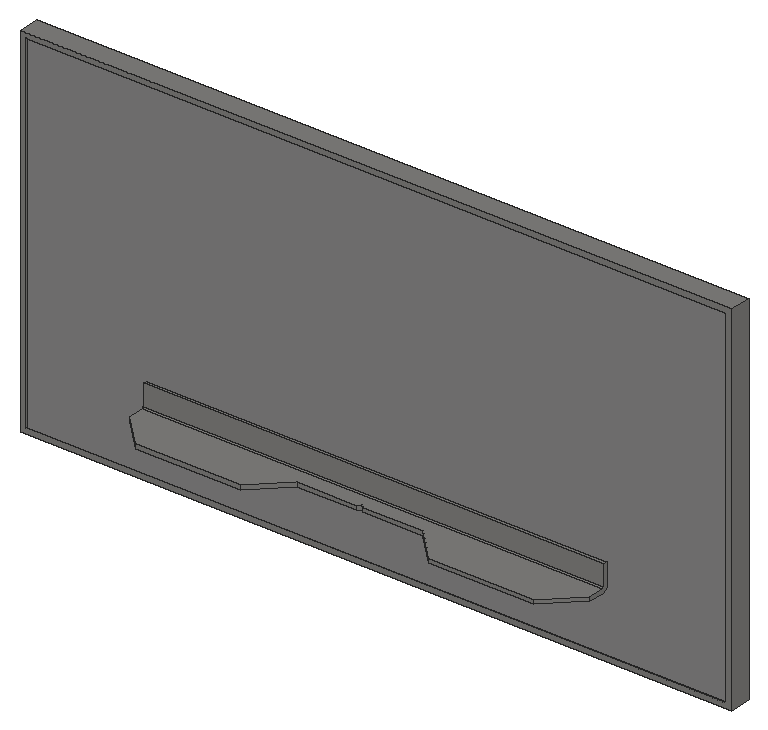
Revit family "Casual_Space_Division-Teknion-HNBCDF_Navigate_Desk_Edge_Screen_Fabric-R2016", category Furniture, Revit 2016
Family settings
  OmniClass Number = 23.40.20.00
  OmniClass Title = General Furniture and Specialties
  Work Plane-Based = Yes
  Always vertical = Yes
  Cut with Voids When Loaded = No
  Shared = Yes
  Room Calculation Point = No
Parameters (values of type "13" Height")
  Width [instance] = 46.000"
  Warranty = "http://www.teknion.com/ca/papers/legal-canada"
  Unit Weight URL = "http://www.teknion.com/ca/tools/assets#&asset=bee6a381-b954-425e-8283-5a2de3a804f2,f828d448-4b62-4231-9e5f-9a8991c0ed77"
  URL = "www.teknion.com"
  To render please download texture images found here [instance] = "https://assets.teknion.com/web/5e81352c1dfdb467/revit-material-swatches/"
  Sustainability Data = "https://www.teknion.com/ca/tools/assets#&topic=216f99a5-57a0-44fc-b10a-9dee9b29ae4c&asset=444deb64-fe58-4b68-981e-f75e97781df7,b4ff2d81-9f2e-437d-9659-7cffb09c31cf"
  Series = "Height-Adjustable Bench"  # constant formula
  Screen Finish [instance] = Fabric - Teknion - Heather Tech - R246 - Crag Tech
  Product Page URL = "https://www.teknion.com/products/product-details?productLineId=8551336e-8e7a-673b-a6c8-ff00004460c4"
  Product Line = "Height-Adjustable Bench"  # constant formula
  Product Documentation Link = "https://www.teknion.com/pricing/hab/pdfs/HNBCDF_ppg.pdf"
  Part Number = "HNBCDF"  # constant formula
  Model = "HNBCDF13___"
  Manufacturer Phone = "416-661-3370"  # constant formula
  Manufacturer Fax = "416.661.4586"  # constant formula
  Manufacturer Contact Information = "http://www.teknion.com/ca/contactus"
  Manufacturer Address = "1150 Flint Road, Toronto, ON. M3J 2J5. Canada"  # constant formula
  Manufacturer = "Teknion"  # constant formula
  How To Use Teknion Materials User Guide [instance] = "https://assets.teknion.com/m/205dd0a49fa58060/original/How-to-add-a-Material-Library-and-Texture-Images-to-your-Revit-project.pdf"
  Height = 13.00021"
  For Additional Finishes please visit [instance] = "https://assets.teknion.com/m/44a8009b046e5d47/original/Teknion_Materials_Library.zip"
  Description = "Navigate Desk Edge Screen – Fabric, 13\" Height"
  Default Elevation = 48.000"
  Bracket Length [instance] = if(Width = 46.000", 8.000", if(and(Width > 51.000", Width < 63.000"), 11.000", if(and(Width > 63.000", Width < 76.000"), 14.000", if(and(Width > 75.000", Width < 83.000"), 17.000", 8.000"))))  # 8.000"
  Bracket Finish [instance] = Seamless Paint - Teknion - 24 - Greystone
  Available Widths [instance] = "46, 52, 58, 64, 70, 76, 82 inches."  # constant formula
  Assembly Code = "E2020200"
  Actual Width [instance] = Width - 12.000"  # 34.000"
Types (3): name | Model | Height | Description
  (no name) | "HNBCDF13___" | 13.00021" | "Navigate Desk Edge Screen – Fabric, 13\" Height"
  13" Height | "HNBCDF13___" | 13.00021" | "Navigate Desk Edge Screen – Fabric, 13\" Height"
  22" Height | "HNBCDF22___" | 22.000" | "Navigate Desk Edge Screen – Fabric, 22\" Height"
Reference planes (in)
  plane 1 "Center Front/Back": y = 0.574
  plane 2: z = 0
  plane 3 "Center Left/Right": x = 0
  plane 4 "Left": x = -17
  plane 5 "Right": x = 17
  plane 6 "Back": y = 1.148
  plane 7 "Front": y = 0
  plane 8 "Top": z = 13.00021
  plane 9: z = -1.188
  plane 10: x = -11
  plane 11: x = 11
  plane 12: z = -4.18621
  plane 13: x = -3
  plane 14: x = 3
Forms (in)
  Sweep 1, solid, material "Fabric - Teknion - Heather Tech - R246 - Crag Tech" <- "Screen Finish"
    path origin (0, 0, 0) x (1, 0, 0) y (0, 1, 0)
      loop
        line (0, 0.188) -> (0, 1.108)
    profile origin (0, 0.648, 0) x (-1, 0, 0) y (0, 0, 1)
      loop
        line (16.735, -3.943) -> (16.735, 12.757) -> (-16.735, 12.757) -> (-16.735, -3.943) -> (16.735, -3.943)
  Sweep 2, solid, material "Seamless Paint - Teknion - 24 - Greystone" <- "Bracket Finish"
    path origin (0, 0, 0) x (1, 0, 0) y (0, 1, 0)
      loop
        line (-11, -2.75) -> (11, -2.75)
    profile origin (0, -2.75, 0) x (0, 1, 0) y (0, 0, 1)
      loop
        line (0.4388, -1) -> (0.4388, -1.188) -> (2.6908, -1.188)
        arc (2.6908, -1.188) -> (2.86616, -1.11536) -> (2.9388, -0.94) r 0.248
        line (2.9388, -0.94) -> (2.9388, 0.06) -> (2.75, 0.06) -> (2.75, -0.9408)
        arc (2.75, -0.9408) -> (2.73266, -0.98266) -> (2.6908, -1) r 0.0592
        line (2.6908, -1) -> (0.4388, -1)
  Sweep 3, void
    path origin (0, 0.574, 0) x (1, 0, 0) y (0, 0, 1)
      loop
        line (0, -4.18621) -> (0, 0.06)
    profile origin (0, 0.574, -2.0631) x (-1, 0, 0) y (0, -1, 0)
      loop
        line (11, 1.386) -> (11, 4.386) -> (-11, 4.386) -> (-11, 1.386) -> (-9.5, 2.886) -> (-4.5, 2.886) -> (-3, 1.386) -> (-0.125, 1.386) -> (0, 1.261) -> (0.125, 1.386) -> (3, 1.386) -> (4.5, 2.886) -> (9.5, 2.886) -> (11, 1.386)
  Sweep 4, solid, material "Seamless Paint - Teknion - 24 - Greystone" <- "Bracket Finish"
    path origin (0, 0, 0) x (1, 0, 0) y (0, 1, 0)
      loop
        line (0, 0.148) -> (0, 1.148)
    profile origin (0, 0.648, 0) x (-1, 0, 0) y (0, 0, 1)
      loop
        line (-16.735, 12.757) -> (-16.735, -3.943) -> (16.735, -3.943) -> (16.735, 12.757) -> (-16.735, 12.757)
      loop
        line (17, 13.00021) -> (-17, 13.00021) -> (-17, -4.18621) -> (17, -4.18621) -> (17, 13.00021)
Cuts and joins
  Sweep 3 cuts Sweep 2
Lines and regions (in)
  Masking region 1
    outline origin (0, 0, 0) x (1, 0, 0) y (0, 1, 0)
      loop
        line (-17, 1.148) -> (-17, 0.148) -> (17, 0.148) -> (17, 1.148) -> (-17, 1.148)
  Masking region 2
    outline origin (0, 0, 0) x (1, 0, 0) y (0, 1, 0)
      loop
        line (-11, 0.148) -> (-11, 0) -> (11, 0) -> (11, 0.148) -> (-11, 0.148)
  symbolic lines, style "FurnitureHiddenLines", detail levels fine
    curve 1: line (16.735, 1.108, 0) -> (-16.735, 1.108, 0)
    curve 2: line (16.735, 0.188, 0) -> (-16.735, 0.188, 0)
    curve 3: line (16.735, 1.108, 0) -> (16.735, 0.188, 0)
    curve 4: line (-16.735, 0.188, 0) -> (-16.735, 1.108, 0)
  symbolic lines
    curve 5: line (-11, 0, 0) -> (11, 0, 0)
  symbolic lines, style "FurnitureHiddenLines", detail levels medium+fine
    curve 6: line (-11, -0.812, 0) -> (-11, 0.1888, 0)
    curve 7: line (-9.5008, -2.3112, 0) -> (-11, -0.812, 0)
    curve 8: line (-4.4992, -2.3112, 0) -> (-9.5008, -2.3112, 0)
    curve 9: line (-3, -0.812, 0) -> (-4.4992, -2.3112, 0)
    curve 10: line (-0.125, -0.812, 0) -> (-3, -0.812, 0)
    curve 11: line (0, -0.687, 0) -> (-0.125, -0.812, 0)
    curve 12: line (0.125, -0.812, 0) -> (0, -0.687, 0)
    curve 13: line (3, -0.812, 0) -> (0.125, -0.812, 0)
    curve 14: line (4.4992, -2.3112, 0) -> (3, -0.812, 0)
    curve 15: line (9.5008, -2.3112, 0) -> (4.4992, -2.3112, 0)
    curve 16: line (11, -0.812, 0) -> (9.5008, -2.3112, 0)
    curve 17: line (11, -0.812, 0) -> (11, 0.1888, 0)
  reference lines
    curve 18: line (17, 1.148, 0) -> (17, 0, 0)
    curve 19: line (-17, 1.148, 0) -> (-17, 0, 0)
Dimensions and locks (in)
  "Actual Width": plane 4 "Left" to plane 5 "Right"
  plane 6 "Back" to plane 1 "Center Front/Back" to plane 7 "Front" = 0.574" locked, 0.574" locked
  "Height": plane 8 "Top" to level
  equal spacing: plane 4 "Left", plane 3 "Center Left/Right", plane 5 "Right"
  plane 2 to plane 9 to plane 12 = 1.188" locked, 2.99821" locked
  locked: plane 4 "Left" to plane 10 at 6
  locked: plane 5 "Right" to plane 11 at 6
  locked: plane 8 "Top" to Sweep 1 sketch curve at 0.24321
  locked: Sweep 1 sketch curve to plane 5 "Right" at 0.265
  locked: Sweep 1 sketch curve to plane 4 "Left" at 0.265
  locked: Sweep 1 sketch curve to plane 12 at 0.24321
  plane 9 to Sweep 2 sketch curve to Sweep 2 sketch curve to Sweep 2 sketch curve = 0.188" locked, 0.0592" locked, 1.0008" locked
  Sweep 2 sketch curve to plane 7 "Front" to Sweep 2 sketch curve to Sweep 2 sketch curve = 0.1888" locked, 0.0592" locked, 0.000" locked
  Sweep 3 sketch curve to Sweep 3 sketch curve to Sweep 3 sketch curve to Sweep 3 sketch curve to Sweep 3 sketch curve to Sweep 3 sketch curve to Sweep 3 sketch curve to Sweep 3 sketch curve to plane 7 "Front" = 1.500" locked, 0.000" locked, 1.500" locked, 0.000" locked, 0.000" locked, 0.000" locked, 0.125" locked, 0.687" locked
  locked: plane 10 to Sweep 3 sketch curve at 1.5
  locked: Sweep 3 sketch curve to plane 11 at 1.5
  Sweep 3 sketch curve to plane 3 "Center Left/Right" to Sweep 3 sketch curve to Sweep 3 sketch curve = 0.125" locked, 0.000" locked, 0.125" locked
  "Bracket Length": plane 10 to plane 13
  "Bracket Length": plane 14 to plane 11
  Sweep 3 sketch curve to plane 13 to Sweep 3 sketch curve = 1.500" locked, 0.000" locked
  plane 14 to Sweep 3 sketch curve to Sweep 3 sketch curve = 0.000" locked, 1.500" locked
  locked: plane 7 "Front" to Sweep 1 sketch curve at 0.188
  locked: plane 6 "Back" to Sweep 1 sketch curve at 0.04
  locked: plane 8 "Top" to Sweep 4 sketch curve at 0.24321
  locked: Sweep 4 sketch curve to plane 5 "Right" at 0.265
  locked: Sweep 4 sketch curve to plane 12 at 0.24321
  locked: Sweep 4 sketch curve to plane 4 "Left" at 0.265
  locked: plane 7 "Front" to Sweep 4 sketch curve at 0.148
  locked: Sweep 3 sketch curve to plane 12 at 4.24621
  aligned and locked: level to plane 2
  aligned and locked: plane 3 "Center Left/Right" to Sweep 1 sketch curve
  aligned and locked: Sweep 2 sketch curve to plane 11
  aligned and locked: plane 10 to Sweep 2 sketch curve
  aligned and locked: plane 9 to Sweep 2 sketch curve
  aligned and locked: Sweep 2 sketch curve to plane 7 "Front"
  aligned and locked: plane 10 to Sweep 3 sketch curve
  aligned and locked: Sweep 3 sketch curve to plane 11
  aligned and locked: plane 8 "Top" to Sweep 4 sketch curve
  aligned and locked: plane 4 "Left" to Sweep 4 sketch curve
  aligned and locked: Sweep 4 sketch curve to plane 5 "Right"
  aligned and locked: Sweep 4 sketch curve to plane 12
  aligned and locked: Masking region 1 sketch curve to Sweep 4  (x3)
  aligned and locked: plane 4 "Left" to Masking region 1 sketch curve
  aligned and locked: curve 1 to Sweep 1
  aligned and locked: curve 2 to Sweep 1
  aligned and locked: Sweep 4 to curve 3
  aligned and locked: Sweep 4 to curve 4
  aligned and locked: curve 5 to cut or joined group of Sweep 2, Sweep 3
  aligned and locked: curve 6 to cut or joined group of Sweep 2, Sweep 3
  aligned and locked: curve 7 to cut or joined group of Sweep 2, Sweep 3
  aligned and locked: curve 8 to cut or joined group of Sweep 2, Sweep 3
  aligned and locked: curve 9 to cut or joined group of Sweep 2, Sweep 3
  aligned and locked: curve 10 to cut or joined group of Sweep 2, Sweep 3
  aligned and locked: curve 11 to cut or joined group of Sweep 2, Sweep 3
  aligned and locked: curve 12 to cut or joined group of Sweep 2, Sweep 3
  aligned and locked: curve 13 to cut or joined group of Sweep 2, Sweep 3
  aligned and locked: curve 14 to cut or joined group of Sweep 2, Sweep 3
  aligned and locked: curve 16 to cut or joined group of Sweep 2, Sweep 3
  aligned and locked: curve 17 to cut or joined group of Sweep 2, Sweep 3
  aligned and locked: curve 15 to cut or joined group of Sweep 2, Sweep 3
  aligned and locked: Masking region 2 sketch curve to Sweep 4
  aligned and locked: Masking region 2 sketch curve to plane 10
  aligned and locked: Masking region 2 sketch curve to cut or joined group of Sweep 2, Sweep 3
  aligned and locked: Masking region 2 sketch curve to plane 11
  aligned and locked: plane 12 to Sweep 3 sketch curve
  aligned and locked: curve 18 to plane 5 "Right"
  aligned and locked: curve 19 to plane 4 "Left"
Automatic sketch dimensions
  plane 7 "Front" to Sweep 2 sketch curve = 2.750"
  Sweep 2 sketch curve to profile plane = 0.4388"
  Sweep 4 sketch curve to plane 3 "Center Left/Right" = 0.000"
  Sweep 4 sketch curve to plane 6 "Back" = 0.000"
  curve 17 to plane 7 "Front" = 0.1888"
  curve 5 to curve 6 = 0.1888"
  Sweep 3 sketch curve to plane 3 "Center Left/Right" = 0.000"
  plane 7 "Front" to curve 18 = 0.000"
  plane 6 "Back" to curve 18 = 0.000"
  curve 19 to plane 7 "Front" = 0.000"
  curve 19 to plane 6 "Back" = 0.000"
